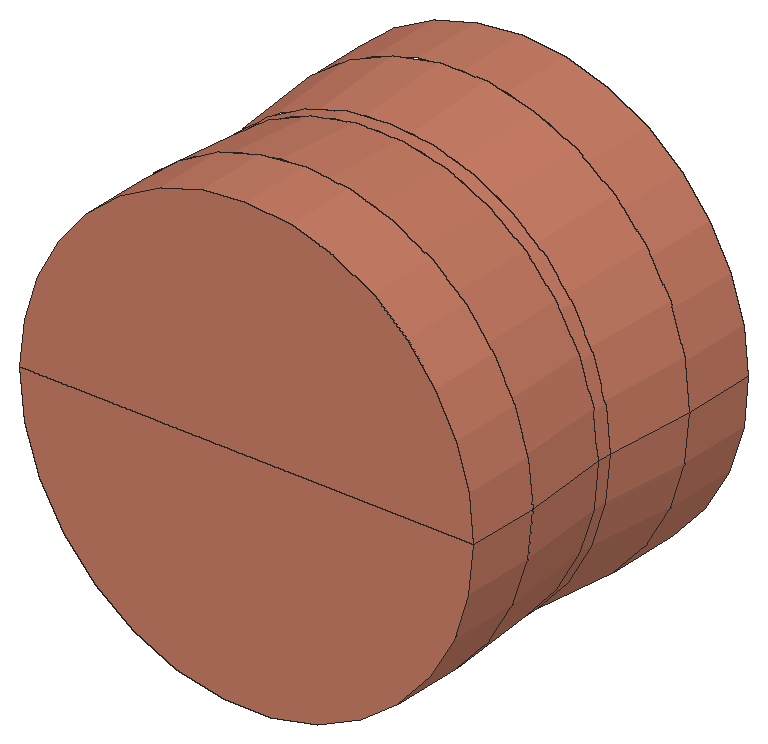
Revit family "Fittings_CopperSocket_Ardent_REECE", category Pipe Fittings, Revit 2019
Family settings
  Round Connector Dimension = Use Diameter
  Part Type = Union
  OmniClass Number = 23.60.30.11.14
  OmniClass Title = Pipework Fittings
  Work Plane-Based = No
  Always vertical = Yes
  Cut with Voids When Loaded = No
  Shared = No
Parameters (values of type "Standard")
  ØA [instance] = size_lookup(Lookup Table Name, "ØA", NominalDiameter * 0.99, NominalDiameter)  # 50.82 mm
  URL = "http://www.reece.com.au/"
  Type Comments = "Manufactured to comply and marked in accordance with Australian Standards AS1432 and AS3688"  # constant formula
  T [instance] = size_lookup(Lookup Table Name, "T", 1.0 mm, NominalDiameter)  # 1.09 mm
  NominalDiameter [instance] = 50.0 mm
  ModifiedIssue_ANZRS = 20151010.54  # constant formula
  Model = "Ardent Copper Socket H/P"  # constant formula
  Material = Reece_Copper
  Manufacturer = "Reece"  # constant formula
  Lookup Table Name = "Fittings_CopperSocket_Ardent_REECE"
  L2 [instance] = L1 * 0.1  # 0.85 mm
  L1 [instance] = size_lookup(Lookup Table Name, "L1", L * 0.33, NominalDiameter)  # 8.5 mm
  L [instance] = size_lookup(Lookup Table Name, "L", NominalDiameter * 1.1, NominalDiameter)  # 40.0 mm
  built-in parameter 1114238 [instance] = not(0.0 mm < size_lookup(Lookup Table Name, "L", 0.0 mm, NominalDiameter))  # (empty or 0)
  FittingType = "CopperSocket"  # constant formula
  Description = "TBC"  # constant formula
  CustomFitting [instance] = not(0.0 mm < size_lookup(Lookup Table Name, "L", 0.0 mm, NominalDiameter))  # no
  CreatedByURL_ANZRS = "http://www.thinkbimmepaus.com.au/"
  CreatedBy = "A2K Technologies"  # constant formula
Reference planes
  plane 1 "Center (Front/Back)": y = 0
  plane 2: z = 0
  plane 3 "Center (Left/Right)": x = 0
  plane 4: x = 25.41
  plane 5: x = -25.41
  plane 6: y = 11.5
  plane 7: y = -11.5
  plane 8: y = 20
  plane 9: y = -20
  plane 10: x = 26.5
  plane 11: y = 0.85
  plane 12: y = -0.85
  plane 13: x = 25.65
Forms (mm)
  Revolve 1, solid, material "Reece_Copper" <- "Material", detail levels fine
    sketch origin (0, 0, 0) x (1, 0, 0) y (0, 1, 0)
      loop
        line (0, 20) -> (0, -20) -> (26.5, -20) -> (26.5, -11.5) -> (25.65, -0.85) -> (25.65, 0.85) -> (26.5, 11.5) -> (26.5, 20) -> (0, 20)
      axis (0, 20) -> (0, -20)
    angle from 0 to 360
Lines and regions (mm)
  model lines, detail levels coarse+medium
    curve 1: line (-25.41, 11.5, 0) -> (25.41, 11.5, 0)
    curve 2: line (0, 11.5, 0) -> (0, -11.5, 0)
    curve 3: line (-25.41, -11.5, 0) -> (25.41, -11.5, 0)
Dimensions and locks
  "ØA": plane 5 to plane 4
  equal spacing: plane 5, plane 3 "Center (Left/Right)", plane 4
  "L1": plane 9 to plane 7
  "T": plane 4 to plane 10
  equal spacing: plane 9, plane 1 "Center (Front/Back)", plane 8
  "L": plane 9 to plane 8
  equal spacing: plane 7, plane 1 "Center (Front/Back)", plane 6
  equal spacing: plane 12, plane 1 "Center (Front/Back)", plane 11
  "L2": plane 1 "Center (Front/Back)" to plane 11
  locked: connector elem to plane 2
  locked: connector elem to plane 3 "Center (Left/Right)"  (x2)
  locked: connector elem to level
  "L2": plane 13 to plane 10
  aligned and locked: level to plane 2
  aligned and locked: Revolve 1 sketch curve to plane 3 "Center (Left/Right)"
  aligned and locked: plane 8 to Revolve 1 sketch curve
  aligned and locked: Revolve 1 sketch curve to plane 10
  aligned and locked: plane 10 to Revolve 1 sketch curve  (x3)
  aligned and locked: plane 9 to Revolve 1 sketch curve
  aligned and locked: plane 7 to Revolve 1 sketch curve
  aligned and locked: plane 6 to Revolve 1 sketch curve
  aligned and locked: Revolve 1 sketch curve to Revolve 1 sketch curve
  aligned and locked: plane 5 to curve 3
  aligned and locked: plane 4 to curve 3
  aligned and locked: plane 7 to curve 3
  aligned and locked: plane 5 to curve 1
  aligned and locked: plane 4 to curve 1
  aligned and locked: plane 6 to curve 1
  aligned and locked: plane 6 to curve 2
  aligned and locked: plane 7 to curve 2
  aligned and locked: curve 2 to plane 3 "Center (Left/Right)"
  aligned and locked: plane 12 to Revolve 1 sketch curve
  aligned and locked: plane 11 to Revolve 1 sketch curve
  aligned and locked: Revolve 1 sketch curve to plane 13
Automatic sketch dimensions
  plane 9 to Revolve 1 sketch curve = 1987.5 mm
  Revolve 1 sketch curve to plane 8 = 1987.5 mm
Connectors
  piping at (0, 11.5, 0), diameter 50, driven by "NominalDiameter"
    settings: on plane 6, index 1, connector inside diameter 609.6 mm, connector length 0.0 mm, flow factor 0, pipe flow 0.0 L/s, pressure drop 0.0 Pa, fitting loss kfactor 0, connector angle 0.00°, fixture units 0, engagement length 0.0 mm, angle of deflection 0.00°, flow configuration 0, flow direction 0, fitting loss method 0, system type 28, joint type 0, gender type 0, connector reference index -1, connector utility 0, adjustable connector no, is connector primary yes, connector description ""
  piping at (0, -11.5, 0), diameter 50, driven by "NominalDiameter"
    settings: on plane 7, index 2, connector inside diameter 609.6 mm, connector length 0.0 mm, flow factor 0, pipe flow 0.0 L/s, pressure drop 0.0 Pa, fitting loss kfactor 0, connector angle 0.00°, fixture units 0, engagement length 0.0 mm, angle of deflection 0.00°, flow configuration 0, flow direction 0, fitting loss method 0, system type 28, joint type 0, gender type 0, connector reference index -1, connector utility 0, adjustable connector no, is connector primary no, connector description ""
